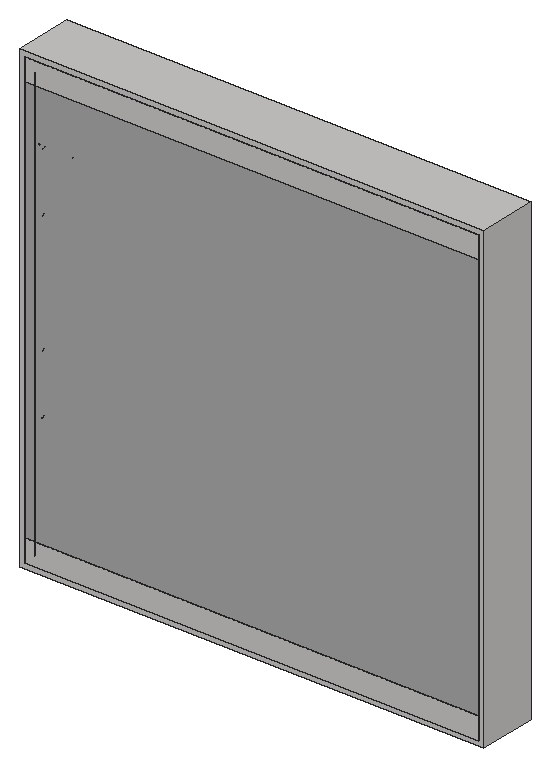
Revit family
Parameters (values of type "Louver_Frmd-Mtl_SFJ-645_All-Lite")
  URL = "http://www.alllite-louvers.com"
  Specifications = "http://www.alllite-louvers.com/catalog/ASFJ-645-csi-specification.doc"
  Spacing = 0.542 ft
  SmartBIM Object Version = 3  # constant formula
  SmartBIM Object Created By = "Reed Construction Data"  # constant formula
  Shim Thickness = 0.042 ft
  Screen Width = Width - (2 * Shim Thickness)  # 3.916 ft
  Screen Height = Height - ((2 * 0.197917 ft) + (2 * Shim Thickness))  # 3.520167 ft
  Screen = Aluminum
  Rough Width = 0.0 ft
  Rough Height = 0.0 ft
  Product URL = "http://www.alllite-louvers.com/catalog.php?model=SFJ-645"
  Pressure Loss (in.wg.) = "0.09"  # constant formula
  OmniClass Title = "Exterior Louvers and Grilles"  # constant formula
  OmniClass Code = "23-60 11 17"  # constant formula
  Model Number = "SFJ-645"  # constant formula
  Minimum Size = "12\" x 12\""
  Maximum Size - Single Section = "60\" x 120\" or 120\" x 60\""
  Maximum Size - Multiple Section = "Unlimited"
  Manufacturer = "All-Lite"  # constant formula
  Louver Width = Width - (2 * Shim Thickness) - 0.166667 ft  # 3.749333 ft
  Louver = Galvannealed Steel
  Height = 4.0 ft
  Free Area for 48”x48” Louver = "50.0%"
  Free Area Velocity (fpm) = "800"  # constant formula
  Free Area (ft²) for 48"x48" Louver = 8.0 ft
  Frame = Galvannealed Steel
  Default Sill Height = 3.0 ft
  Wall Closure = (empty or 0)
  Width = 4.0 ft
  Cut Sheet = "http://www.alllite-louvers.com/catalog/ASFJ645.pdf"
  Assembly Code = "B2010300"
  Air Volume Delivered (cfm) = "6,400"  # constant formula
  95 CSI = "10200 "  # constant formula
  04 CSI = "08 91 00"  # constant formula
  # of Louvers = (Height - 0.25 ft) / (Spacing)  # 7
Reference planes (ft)
  plane 1 "Center (Front/Back)": y = 0
  plane 2: z = 0.291667
  plane 3 "Center (Left/Right)": x = 0
  plane 4 "Left": x = -2
  plane 5 "Right": x = 2
  plane 6 "Sill": z = 3.291667
  plane 7 "Top": z = 7.291667
  plane 8: x = -1.958
  plane 9: x = 1.958
  plane 10: z = 7.249667
  plane 11: z = 3.333667
  plane 12: z = 5.291667
  plane 13: z = 3.417
  plane 14: z = 3.458667
  plane 15: z = 7.166333
Forms (ft)
  Sweep 1, solid, material "Galvannealed Steel" <- "Frame"
    path origin (-5, 0.333333, 0) x (-1, 0, 0) y (0, 0, 1)
      loop
        line (-6.958, 7.249667) -> (-3.042, 7.249667)
    profile "Horizontal Mullion : Horizontal Mullion" origin (0, 0.333333, 7.249667) x (0, 0, 1) y (0, 1, 0)
      loop
        line (0, 0) -> (-0.083333, 0) -> (-0.083333, -0.499878) -> (-0.197917, -0.499878) -> (-0.197917, -0.506628) -> (0, -0.506628) -> (0, -0.464961) -> (-0.00675, -0.464961) -> (-0.00675, -0.499878) -> (-0.076583, -0.499878) -> (-0.076583, -0.006628) -> (-0.00675, -0.006628) -> (-0.00675, -0.041545) -> (0, -0.041545) -> (0, 0)
  Sweep 2, solid, material "Galvannealed Steel" <- "Frame"
    path origin (-5, 0.333333, 0) x (-1, 0, 0) y (0, 0, 1)
      loop
        line (-6.958, 3.333667) -> (-3.042, 3.333667)
    profile "Horizontal Mullion : Horizontal Mullion" origin (0, 0.333333, 3.333667) x (0, 0, 1) y (0, 1, 0)
      loop
        line (0, 0) -> (0, -0.041545) -> (0.00675, -0.041545) -> (0.00675, -0.006628) -> (0.076583, -0.006628) -> (0.076583, -0.499878) -> (0.00675, -0.499878) -> (0.00675, -0.464961) -> (0, -0.464961) -> (0, -0.506628) -> (0.197917, -0.506628) -> (0.197917, -0.499878) -> (0.083333, -0.499878) -> (0.083333, 0) -> (0, 0)
  Sweep 3, solid, material "Galvannealed Steel" <- "Frame"
    path origin (-5, 0.333333, 0) x (-1, 0, 0) y (0, 0, 1)
      loop
        line (-6.958, 3.417) -> (-6.958, 7.166333)
    profile "Vertical Mullion : Vertical Mullion" origin (1.958, 0.333333, 5.291667) x (1, 0, 0) y (0, 1, 0)
      loop
        line (0, -0.46875) -> (-0.010417, -0.46875) -> (-0.010417, -0.489583) -> (-0.072917, -0.489583) -> (-0.072917, -0.010417) -> (-0.010417, -0.010417) -> (-0.010417, -0.03125) -> (0, -0.03125) -> (0, 0) -> (-0.083333, 0) -> (-0.083333, -0.5) -> (0, -0.5) -> (0, -0.46875)
  Sweep 4, solid, material "Galvannealed Steel" <- "Frame"
    path origin (5, 0.333333, 0) x (1, 0, 0) y (0, 0, -1)
      loop
        line (-6.958, -3.417) -> (-6.958, -7.166333)
    profile "Vertical Mullion : Vertical Mullion" origin (-1.958, 0.333333, 5.291667) x (1, 0, 0) y (0, 1, 0)
      loop
        line (0, -0.46875) -> (0, -0.5) -> (0.083333, -0.5) -> (0.083333, 0) -> (0, 0) -> (0, -0.03125) -> (0.010417, -0.03125) -> (0.010417, -0.010417) -> (0.072917, -0.010417) -> (0.072917, -0.489583) -> (0.010417, -0.489583) -> (0.010417, -0.46875) -> (0, -0.46875)
  Sweep 5, solid, material "Galvannealed Steel" <- "Frame"
    path origin (-5, 0.333333, 0) x (-1, 0, 0) y (0, 0, 1)
      loop
        line (-3, 7.291667) -> (-7, 7.291667) -> (-7, 3.291667) -> (-3, 3.291667) -> (-3, 7.291667)
    profile origin (-2, 0.333333, 5.291667) x (0, 1, 0) y (-1, 0, 0)
      loop
        line (0, 0) -> (-0.506628, 0) -> (-0.506628, -0.042) -> (0, -0.042) -> (0, 0)
  Extrusion 6, solid, material "Aluminum" <- "Screen"
    sketch origin (0, 0, 0) x (1, 0, 0) y (0, 1, 0)
      loop
        line (-1.958, -0.166667) -> (-1.958, -0.173295) -> (1.958, -0.173295) -> (1.958, -0.166667) -> (-1.958, -0.166667)
    from 3.531583 to 7.05175
Lines and regions (ft)
  Opening 1
    outline origin (-5, -0.333333, 0) x (1, 0, 0) y (0, 0, 1)
      loop
        line (3, 7.291667) -> (3, 3.291667) -> (7, 3.291667) -> (7, 7.291667) -> (3, 7.291667)
  Masking region 1, detail levels fine
    outline origin (0, 0, 0) x (1, 0, 0) y (0, 1, 0)
      loop
        line (1.958, -0.135417) -> (1.947583, -0.135417) -> (1.947583, -0.15625) -> (1.885083, -0.15625) -> (1.885083, 0.322917) -> (1.947583, 0.322917) -> (1.947583, 0.302083) -> (1.958, 0.302083) -> (1.958, 0.333333) -> (1.874667, 0.333333) -> (1.874667, -0.166667) -> (1.958, -0.166667) -> (1.958, -0.135417)
      loop
        line (-1.947583, -0.135417) -> (-1.958, -0.135417) -> (-1.958, -0.166667) -> (-1.874667, -0.166667) -> (-1.874667, 0.333333) -> (-1.958, 0.333333) -> (-1.958, 0.302083) -> (-1.947583, 0.302083) -> (-1.947583, 0.322917) -> (-1.885083, 0.322917) -> (-1.885083, -0.15625) -> (-1.947583, -0.15625) -> (-1.947583, -0.135417)
  Masking region 2, detail levels coarse+medium
    outline origin (0, 0, 0) x (1, 0, 0) y (0, 1, 0)
      loop
        line (-2, -0.173295) -> (-1.874667, -0.173295) -> (-1.874667, 0.333333) -> (-2, 0.333333) -> (-2, -0.173295)
      loop
        line (2, -0.173295) -> (2, 0.333333) -> (1.874667, 0.333333) -> (1.874667, -0.173295) -> (2, -0.173295)
Text (ft)
  text "EXTERIOR" at (-4.890733, 4.242245, 0), in view "Ref. Level"
  text "INTERIOR" at (-4.890733, -3.147199, 0), in view "Ref. Level"
  text "Exterior" at (0, 3.638026, 10.266337), in view "Left"
  text "Exterior" at (0, 1.524487, 10.420622), in view "Right"
Dimensions and locks (ft)
  equal spacing: plane 4 "Left", plane 3 "Center (Left/Right)", plane 5 "Right"
  "Width": plane 4 "Left" to plane 5 "Right"
  "Height": plane 6 "Sill" to plane 7 "Top"
  "Default Sill Height": plane 2 to plane 6 "Sill"
  "Shim Thickness": plane 4 "Left" to plane 8
  "Shim Thickness": plane 9 to plane 5 "Right"
  "Shim Thickness": plane 10 to plane 7 "Top"
  "Shim Thickness": plane 6 "Sill" to plane 11
  equal spacing: plane 11, plane 12, plane 10
  locked: plane 13 to plane 11 at 0.083333
  locked: plane 14 to plane 13 at 0.041667
  equal spacing: group 1, group 3, group 4, group 5, group 6, group 7, group 2  (x3)
  locked: plane 10 to plane 15 at 0.083333
  aligned and locked: plane 7 "Top" to Opening 1 sketch curve
  aligned and locked: plane 6 "Sill" to Opening 1 sketch curve  (x2)
  aligned and locked: plane 5 "Right" to Opening 1 sketch curve
  aligned and locked: plane 4 "Left" to Opening 1 sketch curve
  aligned and locked: plane 10 to Sweep 1 sketch curve
  aligned and locked: plane 8 to Sweep 1 sketch curve
  aligned and locked: plane 9 to Sweep 1 sketch curve
  aligned and locked: Sweep 2 sketch curve to plane 11
  aligned and locked: plane 9 to Sweep 2 sketch curve
  aligned and locked: plane 8 to Sweep 2 sketch curve
  aligned and locked: plane 9 to Sweep 3 sketch curve
  aligned and locked: Sweep 4 sketch curve to plane 8
  aligned and locked: Sweep 1 to Sweep 4 sketch curve
  aligned and locked: Sweep 5 sketch curve to plane 4 "Left"
  aligned and locked: Sweep 5 sketch curve to plane 7 "Top"
  aligned and locked: Sweep 5 sketch curve to plane 6 "Sill"
  aligned and locked: Sweep 5 sketch curve to plane 5 "Right"
  aligned and locked: Sweep 5 sketch curve to host wall  (x2)
  aligned and locked: plane 8 to Sweep 5 sketch curve
  aligned and locked: plane 3 "Center (Left/Right)" to nested 1
  aligned and locked: Sweep 3 sketch curve to Sweep 1
  aligned and locked: plane 13 to Sweep 3 sketch curve
  aligned and locked: Extrusion 6 sketch curve to plane 8
  aligned and locked: Extrusion 6 sketch curve to Sweep 4
  aligned and locked: Extrusion 6 sketch curve to Sweep 2
  aligned and locked: plane 9 to Extrusion 6 sketch curve
  aligned and locked: Extrusion 6 to Sweep 2
  aligned and locked: Extrusion 6 to Sweep 1
  aligned and locked: plane 14 to nested 1
  aligned and locked: nested 1 to Sweep 4
  aligned and locked: plane 15 to nested 2
  aligned and locked: nested 2 to Sweep 4
  aligned and locked: Sweep 5 sketch curve to Sweep 2
  aligned and locked: Masking region 1 sketch curve to Sweep 3  (x9)
  aligned and locked: Sweep 5 to Masking region 1 sketch curve  (x3)
  aligned and locked: Masking region 1 sketch curve to Extrusion 6
  aligned and locked: Masking region 1 sketch curve to Sweep 4  (x9)
  aligned and locked: Sweep 5 to Masking region 2 sketch curve
  aligned and locked: Masking region 2 sketch curve to Sweep 5  (x3)
  aligned and locked: Masking region 2 sketch curve to Sweep 4  (x2)
  aligned and locked: Sweep 3 to Masking region 2 sketch curve
  aligned and locked: Masking region 2 sketch curve to Sweep 3
Automatic sketch dimensions
  Sweep 4 sketch curve to plane 13 = 0.0 ft
  Masking region 1 sketch curve to plane 9 = 0.0 ft  (x2)
  Masking region 1 sketch curve to plane 8 = 0.0 ft
  Masking region 1 sketch curve to Masking region 1 sketch curve = 0.010417 ft
Nested families (ft)
  nested 1: "Louver" at (0, -0.065267, 3.458667), type "Louver"
  nested 2: "Louver" at (0, -0.065267, 6.583), type "Louver"
  nested 3: "Louver" at (0, -0.065267, 3.979389), type "Louver"
  nested 4: "Louver" at (0, -0.065267, 4.500111), type "Louver"
  nested 5: "Louver" at (0, -0.065267, 5.020833), type "Louver"
  nested 6: "Louver" at (0, -0.065267, 5.541556), type "Louver"
  nested 7: "Louver" at (0, -0.065267, 6.062278), type "Louver"
Connectors (ft)
  hvac at (0, -0.173295, 5.291667), driven by "Screen Width", driven by "Screen Height"
    settings: on Extrusion 6, index 1
Definition of nested family "Louver"
  Parameters (values of type "Louver")
    Louver Length = 3.75 ft
    Louver Array = yes
    Louver = none
    Assembly Code = ""
  Reference planes (ft)
    plane 1 "Center (Front/Back)": y = -0.085938
    plane 2: z = 0
    plane 3 "Center (Left/Right)": x = 0
    plane 4: x = -1.875
    plane 5: x = 1.875
    plane 6: y = 0.220894
    plane 7: z = 0.583333
    plane 8: y = 0.388184
  Forms (ft)
    Extrusion 1, solid, material <- "Louver"
      sketch origin (0, 0.140788, 0) x (0, 1, 0) y (0, 0, 1)
        loop
          arc (0.240662, 0.06173) -> (0.241791, 0.06004) -> (0.242187, 0.058047) r 0.005208
          line (0.242187, 0.058047) -> (0.242187, 0.010417)
          arc (0.242187, 0.010417) -> (0.240662, 0.006734) -> (0.236979, 0.005208) r 0.005208
          line (0.236979, 0.005208) -> (0.205729, 0.005208) -> (0.205729, 0) -> (0.242187, 0)
          arc (0.242187, 0) -> (0.24587, 0.001525) -> (0.247396, 0.005208) r 0.005208
          line (0.247396, 0.005208) -> (0.247396, 0.060205)
          arc (0.247396, 0.060205) -> (0.246999, 0.062198) -> (0.24587, 0.063888) r 0.005208
          line (0.24587, 0.063888) -> (0.211325, 0.098433) -> (0.20764, 0.112186)
          arc (0.20764, 0.112186) -> (0.206292, 0.114521) -> (0.203957, 0.115869) r 0.005208
          line (0.203957, 0.115869) -> (0.190203, 0.119554) -> (-0.16438, 0.474138) -> (-0.168065, 0.487892)
          arc (-0.168065, 0.487892) -> (-0.169413, 0.490227) -> (-0.171748, 0.491575) r 0.005208
          line (-0.171748, 0.491575) -> (-0.185502, 0.49526) -> (-0.219992, 0.52975)
          arc (-0.219992, 0.52975) -> (-0.221121, 0.531439) -> (-0.221517, 0.533433) r 0.005208
          line (-0.221517, 0.533433) -> (-0.221517, 0.572917)
          arc (-0.221517, 0.572917) -> (-0.219992, 0.5766) -> (-0.216309, 0.578125) r 0.005208
          line (-0.216309, 0.578125) -> (-0.185059, 0.578125) -> (-0.185059, 0.583333) -> (-0.221517, 0.583333)
          arc (-0.221517, 0.583333) -> (-0.2252, 0.581808) -> (-0.226726, 0.578125) r 0.005208
          line (-0.226726, 0.578125) -> (-0.226726, 0.531275)
          arc (-0.226726, 0.531275) -> (-0.226329, 0.529282) -> (-0.2252, 0.527592) r 0.005208
          line (-0.2252, 0.527592) -> (-0.189185, 0.491577) -> (-0.185499, 0.477823)
          arc (-0.185499, 0.477823) -> (-0.184151, 0.475488) -> (-0.181817, 0.47414) r 0.005208
          line (-0.181817, 0.47414) -> (-0.168063, 0.470455) -> (0.186521, 0.115872) -> (0.190206, 0.102118)
          arc (0.190206, 0.102118) -> (0.191554, 0.099783) -> (0.193889, 0.098435) r 0.005208
          line (0.193889, 0.098435) -> (0.207642, 0.09475) -> (0.240662, 0.06173)
        loop
          line (0.192538, 0.113537) -> (0.194458, 0.10637)
          arc (0.194458, 0.10637) -> (0.195806, 0.104036) -> (0.198141, 0.102688) r 0.005208
          line (0.198141, 0.102688) -> (0.205308, 0.100767) -> (0.203387, 0.107934)
          arc (0.203387, 0.107934) -> (0.202039, 0.110269) -> (0.199705, 0.111617) r 0.005208
          line (0.199705, 0.111617) -> (0.192538, 0.113537)
        loop
          line (-0.183167, 0.489242) -> (-0.181247, 0.482076)
          arc (-0.181247, 0.482076) -> (-0.179899, 0.479741) -> (-0.177564, 0.478393) r 0.005208
          line (-0.177564, 0.478393) -> (-0.170398, 0.476473) -> (-0.172318, 0.483639)
          arc (-0.172318, 0.483639) -> (-0.173666, 0.485974) -> (-0.176001, 0.487322) r 0.005208
          line (-0.176001, 0.487322) -> (-0.183167, 0.489242)
      from -1.875 to 1.875
  Dimensions and locks (ft)
    equal spacing: plane 4, plane 3 "Center (Left/Right)", plane 5
    "Louver Length": plane 4 to plane 5
    plane 7 to level = 0.583333 ft
    aligned and locked: plane 5 to Extrusion 1
    aligned and locked: Extrusion 1 to plane 4
  Automatic sketch dimensions
    Extrusion 1 sketch curve to level = 0.0 ft
    Extrusion 1 sketch curve to plane 8 = 0.0 ft
    Extrusion 1 sketch curve to plane 8 = 0.001525 ft
    Extrusion 1 sketch curve to plane 8 = 0.005208 ft  (x3)
    Extrusion 1 sketch curve to Extrusion 1 sketch curve = 0.001525 ft  (x4)
    Extrusion 1 sketch curve to Extrusion 1 sketch curve = 0.005208 ft  (x3)
    Extrusion 1 sketch curve to plane 8 = 0.036071 ft
    Extrusion 1 sketch curve to Extrusion 1 sketch curve = 0.003683 ft  (x16)
    Extrusion 1 sketch curve to Extrusion 1 sketch curve = 0.003685 ft  (x4)
    level to Extrusion 1 sketch curve = 0.005208 ft
    Extrusion 1 sketch curve to Extrusion 1 sketch curve = 0.03125 ft  (x2)
    Extrusion 1 sketch curve to Extrusion 1 sketch curve = 0.002335 ft  (x6)
    Extrusion 1 sketch curve to Extrusion 1 sketch curve = 0.004253 ft  (x2)
    Extrusion 1 sketch curve to Extrusion 1 sketch curve = 0.000778 ft  (x6)
    Extrusion 1 sketch curve to Extrusion 1 sketch curve = 0.002905 ft  (x8)
    Extrusion 1 sketch curve to Extrusion 1 sketch curve = 0.000215 ft  (x5)
    Extrusion 1 sketch curve to Extrusion 1 sketch curve = 0.001133 ft  (x4)
    Extrusion 1 sketch curve to Extrusion 1 sketch curve = 0.001348 ft  (x4)
    Extrusion 1 sketch curve to Extrusion 1 sketch curve = 0.007166 ft  (x2)
    Extrusion 1 sketch curve to plane 1 "Center (Front/Back)" = 0.062346 ft
    Extrusion 1 sketch curve to Extrusion 1 sketch curve = 0.003898 ft
    plane 7 to Extrusion 1 sketch curve = 0.0 ft
    Extrusion 1 sketch curve to plane 1 "Center (Front/Back)" = 0.041667 ft
    Extrusion 1 sketch curve to plane 7 = 0.005208 ft
    Extrusion 1 sketch curve to plane 1 "Center (Front/Back)" = 0.010417 ft
    Extrusion 1 sketch curve to Extrusion 1 sketch curve = 0.0 ft
    Extrusion 1 sketch curve to Extrusion 1 sketch curve = 0.047631 ft
    Extrusion 1 sketch curve to Extrusion 1 sketch curve = 0.002157 ft
    Extrusion 1 sketch curve to Extrusion 1 sketch curve = 0.03302 ft
    Extrusion 1 sketch curve to Extrusion 1 sketch curve = 0.006018 ft  (x2)
    Extrusion 1 sketch curve to Extrusion 1 sketch curve = 0.00192 ft  (x2)
    Extrusion 1 sketch curve to plane 7 = 0.112878 ft
    Extrusion 1 sketch curve to Extrusion 1 sketch curve = 0.036015 ft
